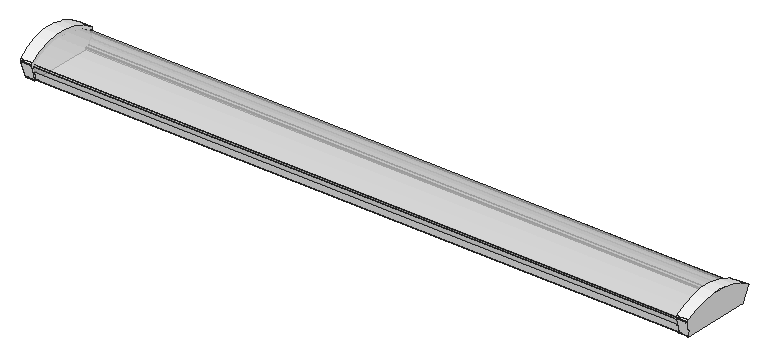
Revit family "0042933", category Lighting Fixtures, host Face, Revit 2023
Family settings
  Host = Face
  Round Connector Dimension = Use Diameter
  Part Type = Normal
  OmniClass Number = 23.80.70.00
  OmniClass Title = Lighting
  Cut with Voids When Loaded = No
  Light Source = Yes
  Maintain Annotation Orientation = No
  Shared = No
  Room Calculation Point = No
Parameters (values of type "DELTAWING 1500 4K DALI")
  Weight = "2.625 kg"
  Wattage Comments = ""
  Wattage = 55 W
  WarrantyStartDate [instance] = "n/a"
  WarrantyGuarantorParts = "n/a"
  WarrantyDurationUnit = "Years"
  WarrantyDurationParts = "5"
  WarrantyDescription = "http://www.sylvania-group.com"
  built-in parameter 1150110 = 1 (stored number, unit not read)
  Voltage = 230 V
  URL = "http://www.sylvania-group.com"
  TypeName = "Deltawing G2 1500"
  Type Image = <None>
  Type IFC Predefined Type = "IfcLightFixtureType"
  Type Comments = "n/a"
  built-in parameter 1114217 = 1 (stored number, unit not read)
  Tilt Angle = -90.00°
  built-in parameter 1150109 = 1 (stored number, unit not read)
  built-in parameter 1150134 = 12
  built-in parameter 1150113 = 1 (stored number, unit not read)
  SerialNumber [instance] = "n/a"
  Photometric Web File = "0042933.IES"
  Material_3_SYL = Polycarbonate_Opal_4000K
  PowerFactor = 0.9
  PowerConsumption = "55 W"
  NominalLength = 1440 mm
  NominalHeight = 60 mm  # constant formula
  NominalDepth = 160 mm  # constant formula
  Name = "DELTAWING 1500 4K DALI"
  ModelReference = Name  # "DELTAWING 1500 4K DALI"
  ModelNumber = "0042933"
  Model = Name  # "DELTAWING 1500 4K DALI"
  Material = "PC Polycarbonate, Steel"
  ManufacturerName = Manufacturer  # "Feilo Sylvania"
  Manufacturer = "Feilo Sylvania"
  LuminousEfficacy = "135 lm/W"
  built-in parameter 1150105 = 2278.1 (stored number, unit not read)
  Lumens = 7425 lm
  LuminaireType = "Ceiling surface mounting,Wall surface mounted"
  built-in parameter 1150115 = 1 (stored number, unit not read)
  LightOutputRatio = ""
  built-in parameter 1150137 = (empty or 0)
  built-in parameter 1150139 = (empty or 0)
  LampsType = Lamp  # "LED"
  LampNominalLuminous = "7400 lm"
  LampMacAdamStep = "3"
  LampColourTemperature = "4000 K"
  LampColourRenderingIndex = "80"
  built-in parameter 1150112 = 1 (stored number, unit not read)
  built-in parameter 1150114 = 1 (stored number, unit not read)
  Lamp = "LED"
  Keynote = "16500"
  InstallationDate [instance] = "n/a"
  InputVoltage = "220-240 V"
  InputNominalFrequency = "50/60Hz"
  built-in parameter 1150132 = (empty or 0)
  built-in parameter 1150102 = (empty or 0)
  built-in parameter 1150107 = 4000 (stored number, unit not read)
  built-in parameter 1150138 = (empty or 0)
  IngressProtection = "IP44"
  ImpactProtectionIndex = "IK06"
  built-in parameter 1150106 = 22.781 (stored number, unit not read)
  IfcExportType = "IfcLightFixtureType"
  IfcExportAs = "IfcLightFixtureType"
  Export Type to IFC As = "IfcLightFixtureType"
  Emit from Rectangle Width = NominalDepth - 10 mm  # 150 mm
  Emit from Rectangle Length = NominalLength - (2 mm * 29)  # 1382 mm
  Emit Shape Visible in Rendering = no
  EmergencyLight = no
  ElectricShockClassification = "Class I"
  built-in parameter 1150104 = 12.542 (stored number, unit not read)
  DocumentationLiterature = "https://www.sylvania-lighting.com/product/en-int/products/item code/0042933"
  DimmingControlOptions = "DALI"
  Material_2_SYL = Polycarbonate_RAL9003_White
  Dimming Lamp Color Temperature Shift = <None>
  Description = "DELTAWING 1500 4K DALI is a ceiling and wall surface, suspended LED luminaire with opal diffuser, 1440x160x60mm dimensions, 55W system power, 7,400lm flux and 135lm/W efficacy, CRi (Ra) >80, 4000K (Neutral White) CCT, chromaticity tolerance of 3-step MacAdam ellipse, DALI dimmable driver, RAL9003 finishing, L70B50 100khrs / L80B50 80khrs lifespan, IK06 impact resistance, IP44 ingress protection rating (in ceiling surface installation), Electrial protection Class I, Glow wire test 850°C."
  Default Elevation = 1219.2 mm
  CreatedOn = "25/09/2024"
  CreatedBy = "petra.pavlicz@sylvania-lighting.com"
  Cost = 0
  Color Filter = 16777215
  built-in parameter 1114216 [instance] = (empty or 0)
  ClassificationValue = "EF_70_80"
  ClassificationName = "Uniclass2015"
  Material_1_SYL = Steel_RAL9003_White
  BarCode [instance] = "n/a"
  built-in parameter 1114218 = 1 (stored number, unit not read)
  built-in parameter 1150133 = 10 (stored number, unit not read)
  AssetType = "Fixed"
  AssetIdentifier [instance] = "n/a"
  Assembly Code = "D5020200"
  Material_4_SYL = none
  Apparent Load = 61.1 VA
Reference planes
  plane 1 "Center (Front/Back)": y = 0
  plane 2 "Bottom": z = 0
  plane 3 "Center (Left/Right)": x = 0
  plane 4 "Back": y = 80
  plane 5 "Front": y = -80
  plane 6 "Left": x = -720
  plane 7 "Right": x = 720
  plane 8: x = 264.5
  plane 9 "Cap left": x = -691
  plane 10 "Cap right": x = 691
  plane 11 "Body top": z = 22
  plane 12 "Top": z = 60
Forms (mm)
  Extrusion 1, solid, material "Polycarbonate_RAL9003_White" <- "Material_2_SYL"
    sketch origin (0, 0, 0) x (0, 1, 0) y (0, 0, 1)
      loop
        arc (78.9, 36.72) -> (0, 62.912) -> (-78.9, 36.72) r 131.933
        arc (-78.9, 36.72) -> (-80.262, 35.303) -> (-81.093, 33.522) r 6.006
        arc (-81.093, 33.522) -> (-81.203, 32.715) -> (-81.093, 31.909) r 2.998
        line (-81.093, 31.909) -> (-72.433, 0.732)
        arc (-72.433, 0.732) -> (-72.074, 0.204) -> (-71.469, 0) r 1
        line (-71.469, 0) -> (71.469, 0)
        arc (71.469, 0) -> (72.074, 0.204) -> (72.433, 0.732) r 1
        line (72.433, 0.732) -> (81.093, 31.909)
        arc (81.093, 31.909) -> (81.203, 32.715) -> (81.093, 33.522) r 2.998
        arc (81.093, 33.522) -> (80.262, 35.303) -> (78.9, 36.72) r 6.006
    from 691 to 720
  Extrusion 2, solid, material "Polycarbonate_RAL9003_White" <- "Material_2_SYL"
    sketch origin (0, 0, 0) x (0, 1, 0) y (0, 0, -1)
      loop
        arc (78.9, -36.72) -> (80.262, -35.303) -> (81.093, -33.522) r 6.006
        arc (81.093, -33.522) -> (81.203, -32.715) -> (81.093, -31.909) r 2.998
        line (81.093, -31.909) -> (72.433, -0.732)
        arc (72.433, -0.732) -> (72.074, -0.204) -> (71.469, 0) r 1
        line (71.469, 0) -> (-71.469, 0)
        arc (-71.469, 0) -> (-72.074, -0.204) -> (-72.433, -0.732) r 1
        line (-72.433, -0.732) -> (-81.093, -31.909)
        arc (-81.093, -31.909) -> (-81.203, -32.715) -> (-81.093, -33.522) r 2.998
        arc (-81.093, -33.522) -> (-80.262, -35.303) -> (-78.9, -36.72) r 6.006
        arc (-78.9, -36.72) -> (0, -62.912) -> (78.9, -36.72) r 131.933
    from 691 to 720
  Extrusion 3, solid, material "Polycarbonate_Opal_4000K" <- "Material_3_SYL"
    sketch origin (0, 0, 0) x (0, 1, 0) y (0, 0, 1)
      loop
        arc (-76.224, 31.506) -> (-77.363, 29.839) -> (-77.21, 27.825) r 3.048
        line (-77.21, 27.825) -> (-69.466, 0.817) -> (-61.986, 0.817) -> (-60.994, 4.521) -> (-60.994, 6) -> (-69.591, 6) -> (-75.893, 28.687)
        arc (-75.893, 28.687) -> (-75.707, 29.707) -> (-75.049, 30.508) r 2.061
        arc (-75.049, 30.508) -> (0, 54.886) -> (75.049, 30.508) r 127.709
        arc (75.049, 30.508) -> (75.707, 29.707) -> (75.893, 28.687) r 2.061
        line (75.893, 28.687) -> (69.591, 6) -> (60.994, 6) -> (60.994, 4.521) -> (61.986, 0.817) -> (69.466, 0.817) -> (77.21, 27.825)
        arc (77.21, 27.825) -> (77.363, 29.839) -> (76.224, 31.506) r 3.048
        arc (76.224, 31.506) -> (0, 56.5) -> (-76.224, 31.506) r 128.727
    from -691 to 691
  Extrusion 4, solid, material "Steel_RAL9003_White" <- "Material_1_SYL"
    sketch origin (0, 0, 0) x (0, 1, 0) y (0, 0, 1)
      loop
        line (-75.289, 17.92) -> (-70.492, 0.652)
        arc (-70.492, 0.652) -> (-70.134, 0.124) -> (-69.529, -0.08) r 1
        line (-69.529, -0.08) -> (69.529, -0.08)
        arc (69.529, -0.08) -> (70.134, 0.124) -> (70.492, 0.652) r 1
        line (70.492, 0.652) -> (75.289, 17.92) -> (74.518, 18.134) -> (69.762, 1.013)
        arc (69.762, 1.013) -> (69.511, 0.643) -> (69.088, 0.5) r 0.7
        line (69.088, 0.5) -> (-69.088, 0.5)
        arc (-69.088, 0.5) -> (-69.511, 0.643) -> (-69.762, 1.013) r 0.7
        line (-69.762, 1.013) -> (-74.518, 18.134) -> (-75.289, 17.92)
    from -691 to 691
  Extrusion 5, void
    sketch origin (0, 0, 0) x (1, 0, 0) y (0, 0, 1)
      loop
        line (-719.874, 62.115) -> (-725.036, 62.115) -> (-725.036, 0) -> (-710.036, 0) -> (-719.874, 62.115)
    from -107.497 to 104.736
  Extrusion 6, void
    sketch origin (0, 0, 0) x (-1, 0, 0) y (0, 0, -1)
      loop
        line (-719.874, -62.115) -> (-710.036, 0) -> (-725.036, 0) -> (-725.036, -62.115) -> (-719.874, -62.115)
    from -107.497 to 104.736
Cuts and joins
  Extrusion 5, Extrusion 6 cuts Extrusion 2
  Extrusion 6 cuts Extrusion 1
Dimensions and locks
  "NominalDepth": plane 4 "Back" to plane 5 "Front"
  equal spacing: plane 4 "Back", plane 1 "Center (Front/Back)", plane 5 "Front"
  "NominalLength": plane 6 "Left" to plane 7 "Right"
  equal spacing: plane 6 "Left", plane 3 "Center (Left/Right)", plane 7 "Right"
  "NominalHeight": plane 12 "Top" to plane 2 "Bottom"
  locked: plane 6 "Left" to plane 9 "Cap left" at 29
  locked: plane 10 "Cap right" to plane 7 "Right" at 29
  aligned and locked: plane 2 "Bottom" to host face
  aligned and locked: level to host face
  aligned and locked: plane 7 "Right" to Extrusion 1
  aligned and locked: Extrusion 1 to plane 10 "Cap right"
  aligned and locked: Extrusion 2 to plane 6 "Left"
  aligned and locked: plane 9 "Cap left" to Extrusion 2
  aligned and locked: plane 10 "Cap right" to Extrusion 3
  aligned and locked: Extrusion 3 to plane 9 "Cap left"
  aligned and locked: Extrusion 4 to plane 9 "Cap left"
  aligned and locked: plane 10 "Cap right" to Extrusion 4
  aligned and locked: plane 11 "Body top" to imposter light
Automatic sketch dimensions
  host sketch curve to host sketch curve = 2438.4 mm  (x2)
  Extrusion 1 sketch curve to level = 0 mm
  Extrusion 1 sketch curve to plane 1 "Center (Front/Back)" = 0 mm
  level to Extrusion 1 sketch curve = 1 mm
  plane 5 "Front" to Extrusion 1 sketch curve = 8.531 mm
  level to Extrusion 1 sketch curve = 0.732 mm  (x2)
  plane 5 "Front" to Extrusion 1 sketch curve = 4.692 mm
  plane 5 "Front" to Extrusion 1 sketch curve = 1.795 mm
  Extrusion 1 sketch curve to plane 4 "Back" = 8.531 mm
  Extrusion 1 sketch curve to Extrusion 1 sketch curve = 0.963 mm
  Extrusion 1 sketch curve to plane 4 "Back" = 4.692 mm
  Extrusion 1 sketch curve to plane 4 "Back" = 1.795 mm
  plane 4 "Back" to Extrusion 1 sketch curve = 1.093 mm
  Extrusion 1 sketch curve to level = 69.021 mm
  plane 11 "Body top" to Extrusion 1 sketch curve = 9.906 mm  (x2)
  Extrusion 1 sketch curve to Extrusion 1 sketch curve = 0.002 mm
  Extrusion 1 sketch curve to Extrusion 1 sketch curve = 0.807 mm
  Extrusion 1 sketch curve to Extrusion 1 sketch curve = 0.809 mm
  plane 5 "Front" to Extrusion 1 sketch curve = 1.1 mm
  Extrusion 1 sketch curve to Extrusion 1 sketch curve = 0 mm  (x3)
  Extrusion 1 sketch curve to plane 5 "Front" = 1.093 mm
  Extrusion 1 sketch curve to Extrusion 1 sketch curve = 0.001 mm
  Extrusion 1 sketch curve to Extrusion 1 sketch curve = 0.003 mm
  level to Extrusion 2 sketch curve = 0 mm
  Extrusion 2 sketch curve to plane 1 "Center (Front/Back)" = 0 mm
  level to Extrusion 2 sketch curve = 1 mm
  plane 5 "Front" to Extrusion 2 sketch curve = 8.531 mm
  level to Extrusion 2 sketch curve = 0.732 mm  (x2)
  plane 5 "Front" to Extrusion 2 sketch curve = 4.692 mm
  plane 5 "Front" to Extrusion 2 sketch curve = 1.795 mm
  Extrusion 2 sketch curve to plane 4 "Back" = 8.531 mm
  Extrusion 2 sketch curve to Extrusion 2 sketch curve = 0.963 mm
  Extrusion 2 sketch curve to plane 4 "Back" = 4.692 mm
  Extrusion 2 sketch curve to plane 4 "Back" = 1.795 mm
  plane 4 "Back" to Extrusion 2 sketch curve = 1.093 mm
  plane 11 "Body top" to Extrusion 2 sketch curve = 9.906 mm  (x2)
  Extrusion 2 sketch curve to Extrusion 2 sketch curve = 0.002 mm
  Extrusion 2 sketch curve to Extrusion 2 sketch curve = 0.807 mm
  Extrusion 2 sketch curve to Extrusion 2 sketch curve = 0.809 mm
  Extrusion 2 sketch curve to level = 69.021 mm
  plane 5 "Front" to Extrusion 2 sketch curve = 1.1 mm
  Extrusion 2 sketch curve to Extrusion 2 sketch curve = 0 mm  (x3)
  Extrusion 2 sketch curve to plane 5 "Front" = 1.093 mm
  Extrusion 2 sketch curve to Extrusion 2 sketch curve = 0.001 mm
  Extrusion 2 sketch curve to Extrusion 2 sketch curve = 0.003 mm
  Extrusion 3 sketch curve to plane 1 "Center (Front/Back)" = 0 mm  (x2)
  level to Extrusion 3 sketch curve = 4.521 mm  (x2)
  plane 5 "Front" to Extrusion 3 sketch curve = 19.006 mm
  level to Extrusion 3 sketch curve = 0.817 mm  (x2)
  Extrusion 3 sketch curve to Extrusion 3 sketch curve = 0.993 mm  (x2)
  Extrusion 3 sketch curve to Extrusion 3 sketch curve = 7.479 mm  (x2)
  Extrusion 3 sketch curve to Extrusion 3 sketch curve = 0.125 mm  (x2)
  plane 5 "Front" to Extrusion 3 sketch curve = 6.163 mm
  Extrusion 3 sketch curve to Extrusion 3 sketch curve = 0.582 mm  (x2)
  Extrusion 3 sketch curve to Extrusion 3 sketch curve = 1.474 mm  (x2)
  Extrusion 3 sketch curve to Extrusion 3 sketch curve = 1.317 mm  (x2)
  Extrusion 3 sketch curve to plane 4 "Back" = 19.006 mm
  Extrusion 3 sketch curve to plane 4 "Back" = 6.163 mm
  Extrusion 3 sketch curve to level = 72.227 mm
  Extrusion 3 sketch curve to Extrusion 3 sketch curve = 0.596 mm
  Extrusion 3 sketch curve to Extrusion 3 sketch curve = 5.183 mm
  Extrusion 3 sketch curve to Extrusion 3 sketch curve = 1.479 mm
  plane 11 "Body top" to Extrusion 3 sketch curve = 5.825 mm  (x2)
  Extrusion 3 sketch curve to Extrusion 3 sketch curve = 0.862 mm  (x2)
  Extrusion 3 sketch curve to Extrusion 3 sketch curve = 0.153 mm  (x2)
  Extrusion 3 sketch curve to Extrusion 3 sketch curve = 0.21 mm  (x2)
  Extrusion 3 sketch curve to Extrusion 3 sketch curve = 0 mm  (x2)
  plane 5 "Front" to Extrusion 4 sketch curve = 4.711 mm
  Extrusion 4 sketch curve to Extrusion 4 sketch curve = 0.771 mm
  level to Extrusion 4 sketch curve = 0.652 mm  (x2)
  plane 5 "Front" to Extrusion 4 sketch curve = 9.508 mm
  level to Extrusion 4 sketch curve = 1.013 mm  (x2)
  Extrusion 4 sketch curve to Extrusion 4 sketch curve = 0.73 mm  (x2)
  Extrusion 4 sketch curve to Extrusion 4 sketch curve = 0.233 mm  (x2)
  level to Extrusion 4 sketch curve = 0.5 mm
  Extrusion 4 sketch curve to Extrusion 4 sketch curve = 0.441 mm  (x2)
  Extrusion 4 sketch curve to plane 4 "Back" = 10.912 mm
  Extrusion 4 sketch curve to plane 4 "Back" = 5.482 mm
  Extrusion 4 sketch curve to plane 11 "Body top" = 4.08 mm
  Extrusion 4 sketch curve to level = 0.08 mm
  Extrusion 5 sketch curve to level = 0 mm
  Extrusion 5 sketch curve to plane 6 "Left" = 5.036 mm
  plane 6 "Left" to Extrusion 5 sketch curve = 0.126 mm
  plane 6 "Left" to Extrusion 5 sketch curve = 9.964 mm
  plane 12 "Top" to Extrusion 5 sketch curve = 2.115 mm
  Extrusion 6 sketch curve to level = 0 mm
  plane 7 "Right" to Extrusion 6 sketch curve = 5.036 mm
  Extrusion 6 sketch curve to plane 7 "Right" = 0.126 mm
  Extrusion 6 sketch curve to plane 7 "Right" = 9.964 mm
  plane 12 "Top" to Extrusion 6 sketch curve = 2.115 mm
Connectors
  electrical at (0, 0, 0), driven by "Apparent Load", driven by "PowerFactor", driven by "Voltage"
    settings: index 1, voltage 230 V, apparent load 61.1 VA, apparent load phase1 0 VA, apparent load phase2 0 VA, apparent load phase3 0 VA, power factor 0.9, load classification "Lighting", number of poles 1, system type 30, power factor state 1, is connector primary yes, connector utility no, sub classification motor no, connector description ""
